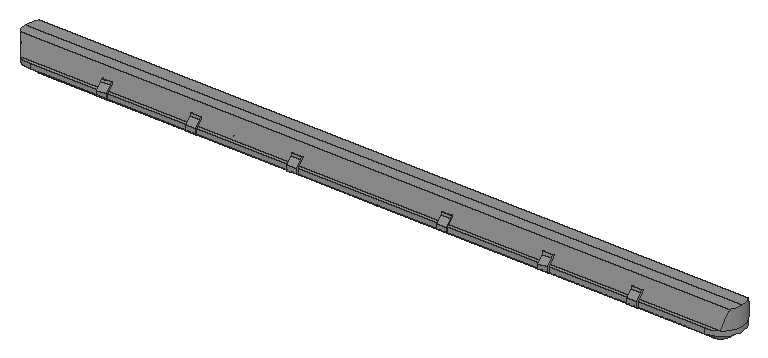
Revit family "ДСП-01 60 Вт 1500", category Осветительные приборы, Revit 2019 (continued)
Types (2, lengths in mm): name | Файл фотометрической сетки | built-in parameter 1150142 | built-in parameter 1150134 | built-in parameter 1150107 | Артикул | URL
     4.7 4.7 4.7\r\n291.6 291.5 291.4 291.2 290.9 290.5 290 289.4 288.8 288.1 287.2 286.3 285.2 284.1 282.9 281.7 280.3 278.9 277.3 275.8 274.1 272.4 270.4 268.6 266.5 264.5 262.3 260.1 257.8 255.5 253 250.6 248 245.4 242.7 240 237.2 234.4 231.5 228.6 225.6 222.7 219.6 216.6 213.4 210.3 207 203.8 200.5 197.2 193.8 190.4 186.9 183.5 180.1 176.7 173.2 169.8 166.4 163 159.6 156.1 152.7 149.3 146 142.5 139.1 135.7 132.4 129 125.7 122.3 118.9 115.5 112.1 108.6 105.1 101.6 98.2 94.7 91.4 88.2 85.2 82.2 79.3 76.5 73.7 71 68.4 65.8 63.2 60.6 58.1 55.6 53.1 50.7 48.4 46.2 44.1 42 40 37.9 35.9 34 32.2 30.4 28.6 26.9 25.3 23.7 22.1 20.7 19.2 17.9 16.5 15.3 14 12.9 11.8 10.7 9.7 8.7 7.8 7.1 6.4 5.7 5.3 5 4.8 4.9 4.9 4.9 4.9 4.8 4.9 4.9 4.8 4.8 4.9 4.9 4.8 4.8 4.8 4.8 4.8 4.8 4.8 4.7 4.7 4.7 4.7 4.7 4.7 4.7 4.7 4.7 4.7 4.7 4.8 4.7 2.3\r\n291.7 291.5 291.4 291.1 290.8 290.4 289.9 289.3 288.6 287.9 287.1 286.1 285 283.9 282.7 281.6 280 278.6 277 275.5 273.8 272 270.1 268.2 266.1 264.1 261.9 259.6 257.3 255 252.5 250 247.4 244.7 242.1 239.4 236.6 233.8 230.9 228 225.1 222.2 219.1 216 212.9 209.7 206.4 203.2 199.8 196.5 193.1 189.6 186.1 182.7 179.2 175.9 172.4 168.9 165.5 162.1 158.7 155.2 151.9 148.5 145.1 141.7 138.3 135 131.7 128.3 125 121.7 118.3 114.9 111.6 108.1 104.7 101.2 97.9 94.4 91.1 87.9 84.8 81.8 79 76.2 73.4 70.7 68.1 65.5 63 60.4 57.8 55.3 52.7 50.3 48 45.9 43.8 41.6 39.7 37.6 35.6 33.8 31.9 30.1 28.3 26.7 25 23.5 21.9 20.5 19.1 17.7 16.4 15.2 13.9 12.8 11.7 10.6 9.6 8.7 7.8 7 6.3 5.7 5.2 4.9 4.8 4.8 4.8 4.8 4.8 4.8 4.8 4.8 4.8 4.8 4.8 4.8 4.8 4.8 4.8 4.8 4.8 4.8 4.8 4.8 4.8 4.8 4.8 4.8 4.8 4.8 4.8 4.8 4.9 4.9 4.9 4.8 0\r\n291.6 291.5 291.3 291 290.7 290.3 289.8 289.1 288.5 287.7 286.8 285.9 284.8 283.7 282.5 281.3 279.8 278.3 276.7 275.2 273.4 271.6 269.7 267.8 265.7 263.7 261.4 259.1 256.8 254.5 252 249.5 246.9 244.2 241.5 238.9 236 233.2 230.3 227.4 224.4 221.4 218.3 215.3 212.1 208.9 205.6 202.4 198.9 195.6 192.2 188.7 185.2 181.8 178.3 174.9 171.5 168 164.6 161.2 157.8 154.4 151 147.6 144.3 140.9 137.5 134.1 130.8 127.4 124.2 120.8 117.4 114.1 110.7 107.3 103.8 100.4 97 93.5 90.2 87 84 81 78.2 75.4 72.6 69.9 67.3 64.7 62.1 59.5 56.9 54.3 51.7 49.1 46.8 44.7 42.7 40.7 38.8 36.8 34.8 33 31.2 29.4 27.7 26 24.5 22.9 21.4 20 18.6 17.3 16 14.8 13.6 12.5 11.4 10.3 9.4 8.5 7.6 6.9 6.2 5.6 5.2 4.9 4.8 4.8 4.8 4.8 4.8 4.8 4.8 4.8 4.8 4.8 4.8 4.8 4.8 4.8 4.8 4.8 4.8 4.8 4.8 4.8 4.8 4.8 4.8 4.8 4.8 4.8 4.8 4.8 4.9 4.9 4.9 4.9 2.5\r\n291.5 291.4 291.3 290.9 290.6 290.2 289.6 289 288.3 287.5 286.6 285.6 284.6 283.4 282.2 281 279.5 278 276.4 274.9 273 271.2 269.4 267.4 265.3 263.2 261 258.7 256.4 254 251.5 249 246.4 243.7 241 238.3 235.4 232.6 229.7 226.8 223.7 220.7 217.6 214.5 211.2 208 204.8 201.5 198 194.7 191.2 187.8 184.3 180.9 177.4 173.9 170.6 167.1 163.7 160.3 156.9 153.5 150.1 146.7 143.4 140 136.7 133.3 130 126.6 123.3 119.9 116.6 113.2 109.8 106.4 103 99.5 96.1 92.6 89.4 86.2 83.1 80.2 77.4 74.5 71.8 69.1 66.4 63.8 61.2 58.6 56.1 53.3 50.6 48 45.6 43.6 41.7 39.7 37.9 36 34 32.2 30.4 28.7 27 25.4 23.9 22.4 20.9 19.5 18.2 16.9 15.6 14.4 13.2 12.1 11.1 10.1 9.1 8.3 7.4 6.7 6.1 5.5 5.1 4.9 4.9 4.9 4.9 4.9 4.9 4.9 4.9 4.9 4.9 4.8 4.8 4.8 4.8 4.9 4.8 4.9 4.8 4.8 4.8 4.8 4.8 4.8 4.8 4.8 4.8 4.9 4.9 4.9 4.9 4.9 4.9 4.9 4.9\r\n291.5 291.4 291.2 291 290.6 290.1 289.6 289 288.3 287.4 286.5 285.6 284.5 283.4 282.1 280.9 279.4 277.9 276.3 274.7 272.9 271.1 269.2 267.2 265.1 263 260.8 258.5 256.1 253.7 251.2 248.7 246.1 243.4 240.6 238 235.1 232.3 229.3 226.4 223.4 220.4 217.2 214.1 210.8 207.6 204.3 201 197.5 194.1 190.7 187.2 183.7 180.2 176.7 173.3 169.8 166.4 163 159.5 156.1 152.7 149.3 145.9 142.5 139 135.7 132.3 129 125.6 122.3 118.9 115.5 112.1 108.8 105.3 101.9 98.5 95 91.5 88.3 85 82 79 76.2 73.3 70.6 67.9 65.2 62.6 59.9 57.3 54.7 51.8 49 46.3 44 41.9 40.1 38.3 36.5 34.7 32.8 31.1 29.3 27.6 26 24.5 23 21.5 20.1 18.7 17.4 16.2 15 13.8 12.7 11.6 10.6 9.6 8.8 7.9 7.1 6.5 5.9 5.4 5 4.9 4.9 4.9 4.9 4.9 4.9 4.9 4.9 4.9 4.9 4.9 4.8 4.8 4.8 4.8 4.8 4.8 4.9 4.8 4.8 4.8 4.8 4.8 4.8 4.9 4.9 4.9 4.9 4.9 2.5 2.4 2.5 2.5 2.5\r\n291.5 291.4 291.2 291 290.6 290.1 289.5 289 288.2 287.4 286.5 285.5 284.4 283.3 282 280.7 279.3 277.8 276.3 274.6 272.8 270.9 269 267 265 262.8 260.6 258.3 255.9 253.5 251 248.4 245.8 243.1 240.3 237.6 234.8 231.9 229 226.1 223.1 220 216.9 213.7 210.4 207.2 203.9 200.5 197 193.6 190.1 186.6 183 179.6 176 172.6 169.1 165.6 162.2 158.8 155.4 151.8 148.4 145 141.5 138.1 134.7 131.3 127.9 124.6 121.2 117.9 114.5 111.1 107.7 104.2 100.8 97.4 93.9 90.4 87.1 83.8 80.8 77.8 75 72.2 69.4 66.7 64.1 61.3 58.6 56 53.2 50.3 47.4 44.6 42.3 40.3 38.5 36.9 35.2 33.4 31.6 29.9 28.2 26.6 25 23.5 22 20.7 19.3 18 16.7 15.5 14.3 13.3 12.2 11.2 10.2 9.2 8.4 7.5 6.9 6.2 5.7 5.3 5 4.9 4.9 4.9 4.9 4.9 4.9 4.9 4.9 4.9 4.9 4.9 4.8 4.8 4.8 4.8 4.8 4.8 4.9 4.9 4.8 4.8 4.8 4.8 4.9 4.9 4.9 4.9 4.9 4.9 0 0 0 0 0\r\n291.6 291.4 291.2 290.9 290.5 290.1 289.5 288.9 288.2 287.4 286.5 285.5 284.4 283.2 281.9 280.5 279.1 277.5 275.9 274.2 272.4 270.6 268.6 266.6 264.5 262.4 260.1 257.8 255.4 253 250.4 247.9 245.2 242.5 239.7 237 234.2 231.3 228.3 225.4 222.3 219.2 216 212.8 209.5 206.2 202.8 199.5 196 192.6 189.1 185.6 182 178.6 175 171.6 168.1 164.6 161.2 157.7 154.3 150.7 147.3 143.9 140.5 137 133.6 130.2 126.9 123.5 120.2 116.8 113.4 110 106.6 103.1 99.7 96.2 92.8 89.3 85.9 82.6 79.6 76.6 73.8 70.9 68.2 65.4 62.7 60 57.3 54.5 51.8 48.8 45.9 43.1 40.8 38.8 37.1 35.5 33.9 32.2 30.5 28.8 27.1 25.5 24 22.6 21.1 19.8 18.5 17.2 16 14.8 13.7 12.6 11.6 10.6 9.7 8.8 8 7.2 6.5 6 5.5 5.1 5 4.9 4.9 4.9 4.9 4.9 4.9 4.9 4.9 4.9 4.9 4.9 4.8 4.8 4.8 4.8 4.8 4.8 4.8 4.8 4.8 4.8 4.8 4.8 4.8 4.8 4.9 4.9 4.9 4.9 2.4 2.4 2.4 2.4 0\r\n291.6 291.4 291.2 290.9 290.5 290.1 289.5 288.8 288.1 287.3 286.5 285.4 284.3 283.1 281.7 280.3 278.8 277.2 275.6 273.9 272.1 270.2 268.3 266.2 264.1 261.9 259.7 257.3 254.8 252.5 249.9 247.3 244.7 241.9 239.2 236.4 233.5 230.7 227.6 224.7 221.5 218.4 215.2 211.9 208.6 205.2 201.8 198.4 195 191.6 188.1 184.6 181 177.6 174 170.5 167 163.5 160.1 156.6 153.2 149.7 146.3 142.8 139.4 135.9 132.5 129.1 125.8 122.4 119.1 115.7 112.3 108.9 105.4 101.9 98.5 95 91.6 88.1 84.7 81.5 78.4 75.4 72.5 69.7 66.9 64.1 61.4 58.7 55.9 53.1 50.3 47.3 44.3 41.5 39.2 37.3 35.7 34.2 32.6 31 29.3 27.6 26 24.5 23.1 21.7 20.2 19 17.7 16.4 15.2 14.1 13.1 12 11.1 10.1 9.2 8.3 7.6 6.9 6.2 5.7 5.3 5 4.9 4.9 4.9 4.9 4.9 4.9 4.9 4.9 4.9 4.9 4.9 4.9 4.8 4.8 4.8 4.8 4.8 4.8 4.8 4.8 4.8 4.8 4.7 4.8 4.8 4.8 4.8 4.8 4.8 4.8 4.8 4.8 4.8 4.8 0\r\n291.6 291.4 291.2 290.9 290.5 290 289.4 288.7 288 287.2 286.2 285.2 284.1 282.8 281.5 280.1 278.6 277 275.4 273.6 271.8 269.9 268 265.9 263.8 261.6 259.3 256.9 254.5 252 249.5 246.9 244.2 241.5 238.8 236 233.1 230.2 227.1 224.1 220.9 217.7 214.5 211.2 207.8 204.4 201 197.6 194.1 190.7 187.1 183.7 180.1 176.6 172.9 169.4 165.8 162.3 158.8 155.2 151.8 148.2 144.8 141.3 137.9 134.3 131 127.6 124.2 120.7 117.4 113.9 110.6 107.1 103.7 100.2 96.8 93.3 89.9 86.3 82.9 79.7 76.6 73.6 70.7 67.8 65 62.2 59.4 56.6 53.9 51.1 48.3 45.2 42.2 39.4 37.2 35.5 34 32.5 31 29.4 27.7 26.1 24.6 23.2 21.8 20.4 19.1 17.9 16.6 15.4 14.3 13.3 12.3 11.3 10.4 9.5 8.6 7.8 7.1 6.5 5.9 5.4 5.1 5 4.9 4.9 4.9 4.9 4.9 4.9 4.9 4.9 4.9 4.9 4.9 4.9 4.8 4.8 4.8 4.8 4.8 4.8 4.8 4.8 4.8 4.8 4.8 4.8 4.8 4.8 4.8 4.8 4.8 4.9 4.8 4.8 4.8 4.8 2.4\r\n291.6 291.4 291.3 290.9 290.4 289.9 289.3 288.6 287.8 287 286 285 283.8 282.6 281.3 279.9 278.4 276.8 275.1 273.4 271.5 269.7 267.6 265.6 263.5 261.3 258.9 256.6 254.1 251.6 249.1 246.5 243.8 241.1 238.4 235.6 232.6 229.7 226.6 223.5 220.3 217.1 213.7 210.5 207.1 203.6 200.1 196.7 193.2 189.7 186.2 182.7 179.1 175.6 171.9 168.3 164.6 161 157.5 153.9 150.4 146.8 143.3 139.8 136.4 132.8 129.4 126 122.6 119.1 115.7 112.2 108.9 105.4 101.9 98.5 95.1 91.5 88.1 84.6 81.2 77.9 74.8 71.8 68.9 66 63.2 60.3 57.5 54.6 51.8 49 46.2 43.1 40 37.3 35.3 33.6 32.2 30.8 29.4 27.8 26.2 24.6 23.2 21.8 20.5 19.2 18 16.8 15.5 14.5 13.4 12.5 11.5 10.6 9.7 8.8 8 7.3 6.7 6.1 5.6 5.2 5 4.9 4.9 4.9 4.9 4.9 4.9 4.9 4.9 4.9 4.9 4.9 4.9 4.9 4.9 4.8 4.8 4.8 4.9 4.8 4.8 4.8 4.8 4.8 4.8 4.8 4.8 4.8 4.8 4.9 4.9 4.9 4.8 4.9 4.9 4.9 4.8\r\n291.6 291.4 291.2 290.8 290.4 289.8 289.2 288.6 287.8 286.9 285.9 284.8 283.7 282.5 281.1 279.7 278.2 276.6 274.9 273.2 271.3 269.5 267.4 265.3 263.2 260.9 258.5 256.2 253.7 251.2 248.6 246 243.3 240.5 237.7 234.8 231.8 228.8 225.7 222.6 219.4 216.2 212.9 209.6 206.2 202.8 199.2 195.8 192.2 188.7 185 181.5 177.8 174.2 170.5 166.9 163.2 159.6 156 152.4 148.8 145.3 141.7 138.2 134.7 131.1 127.7 124.2 120.8 117.3 113.9 110.5 107.1 103.6 100.2 96.7 93.3 89.7 86.3 82.8 79.3 76 72.9 69.9 67 64.1 61.2 58.3 55.5 52.6 49.8 46.9 44.1 40.9 37.8 35.3 33.3 31.8 30.4 29.1 27.7 26.2 24.6 23.2 21.8 20.5 19.2 18 16.7 15.6 14.5 13.5 12.5 11.6 10.7 9.8 8.9 8.2 7.4 6.8 6.2 5.7 5.3 5.1 4.9 4.9 4.9 4.9 4.9 4.9 4.9 4.9 4.9 4.9 4.9 4.9 4.9 4.9 4.8 4.8 4.8 4.8 4.9 4.8 4.8 4.8 4.8 4.8 4.8 4.8 4.8 4.9 4.9 4.9 4.9 4.9 4.9 4.9 4.9 4.9 4.8\r\n291.6 291.4 291.1 290.8 290.3 289.8 289.2 288.5 287.7 286.8 285.7 284.7 283.5 282.3 281 279.5 278 276.4 274.7 273 271.1 269.2 267.1 265 262.9 260.6 258.2 255.8 253.3 250.8 248.2 245.5 242.7 239.9 237 234.1 231 227.9 224.8 221.7 218.5 215.3 212 208.8 205.3 201.9 198.3 194.8 191.2 187.6 183.9 180.2 176.5 172.8 169.1 165.5 161.8 158.2 154.6 150.9 147.3 143.7 140.1 136.5 133 129.4 125.9 122.5 119 115.6 112.1 108.7 105.3 101.9 98.5 94.9 91.5 87.9 84.5 80.9 77.4 74.1 71.1 68 65.1 62.1 59.3 56.4 53.5 50.6 47.7 44.9 42.1 38.7 35.6 33.2 31.4 29.9 28.7 27.4 26.1 24.5 23.1 21.7 20.4 19.1 17.9 16.7 15.5 14.4 13.4 12.5 11.6 10.7 9.8 9 8.2 7.5 6.9 6.3 5.7 5.3 5 4.9 4.9 4.9 4.9 4.9 4.9 4.9 4.9 4.9 4.9 4.9 4.9 4.9 4.9 4.9 4.8 4.8 4.8 4.9 4.9 4.9 4.8 4.8 4.8 4.8 4.9 4.9 4.9 4.9 4.9 4.9 4.9 4.9 4.9 4.9 4.9 4.9 4.9\r\n291.6 291.4 291.1 290.8 290.3 289.8 289.2 288.5 287.6 286.7 285.7 284.6 283.4 282.2 280.8 279.4 277.9 276.3 274.5 272.7 270.8 268.9 266.8 264.7 262.5 260.2 257.9 255.5 253 250.4 247.8 245.1 242.3 239.5 236.6 233.7 230.7 227.6 224.4 221.3 218 214.7 211.3 208 204.4 201 197.4 193.8 190.2 186.6 182.9 179.3 175.6 171.9 168.2 164.5 160.7 157 153.4 149.6 146 142.4 138.7 135.2 131.6 128 124.5 121 117.5 113.9 110.5 107 103.6 100.1 96.7 93.2 89.7 86.2 82.7 79.2 75.7 72.3 69.2 66.1 63.1 60.2 57.3 54.3 51.5 48.5 45.7 42.9 40 36.7 33.6 31.2 29.5 28.2 27 25.8 24.5 23.1 21.7 20.3 19.1 17.9 16.7 15.6 14.5 13.5 12.5 11.6 10.8 9.9 9.1 8.3 7.6 7 6.4 5.9 5.4 5.1 4.9 4.8 4.8 4.8 4.9 4.8 4.8 4.9 4.9 4.9 4.9 4.9 4.8 4.8 4.8 4.8 4.8 4.8 4.8 4.8 4.8 4.8 4.8 4.8 4.8 4.8 4.8 4.8 4.8 4.8 4.9 4.8 4.8 4.8 4.8 4.8 4.8 2.4 2.4\r\n291.7 291.4 291.1 290.8 290.3 289.8 289.1 288.4 287.6 286.6 285.6 284.5 283.3 282 280.7 279.3 277.7 276.1 274.2 272.5 270.5 268.6 266.5 264.4 262.2 259.9 257.6 255.1 252.6 250.1 247.4 244.7 241.9 239.1 236.2 233.3 230.3 227.2 224 220.9 217.5 214.1 210.6 207.1 203.5 200 196.4 192.9 189.2 185.7 182 178.4 174.7 171 167.2 163.5 159.7 155.9 152.1 148.4 144.7 141 137.4 133.8 130.2 126.6 123.1 119.5 116 112.3 108.9 105.3 101.9 98.3 94.9 91.4 87.9 84.4 81 77.4 73.9 70.5 67.3 64.1 61.2 58.2 55.3 52.3 49.4 46.5 43.7 40.9 37.9 34.6 31.6 29.3 27.6 26.4 25.4 24.3 23 21.6 20.2 19 17.8 16.7 15.6 14.5 13.4 12.5 11.6 10.8 10 9.2 8.4 7.7 7 6.4 5.8 5.5 5.1 4.9 4.8 4.7 4.8 4.8 4.8 4.7 4.8 4.8 4.8 4.8 4.8 4.8 4.8 4.8 4.8 4.8 4.7 4.8 4.8 4.8 4.7 4.7 4.7 4.7 4.7 4.8 4.8 4.8 4.8 4.7 4.8 4.8 4.8 4.8 4.8 4.8 4.8 0 0\r\n291.7 291.4 291.2 290.8 290.3 289.8 289.1 288.4 287.6 286.6 285.6 284.5 283.3 282 280.6 279.2 277.6 276 274.1 272.4 270.4 268.4 266.4 264.2 262 259.7 257.3 254.9 252.3 249.8 247 244.3 241.5 238.6 235.7 232.7 229.6 226.6 223.3 220.1 216.7 213.4 209.9 206.4 202.7 199.2 195.5 191.9 188.1 184.5 180.8 177.2 173.4 169.8 165.9 162.2 158.4 154.5 150.8 146.9 143.2 139.4 135.8 132.1 128.5 124.8 121.2 117.6 114 110.4 106.9 103.3 99.9 96.3 92.9 89.4 85.9 82.4 79 75.4 72 68.5 65.2 62 59.1 56.1 53.2 50.3 47.4 44.4 41.6 38.8 35.7 32.4 29.5 27.2 25.7 24.6 23.6 22.5 21.3 20 18.7 17.6 16.4 15.4 14.3 13.3 12.3 11.5 10.6 9.9 9 8.3 7.6 7 6.4 5.9 5.4 5.2 4.9 4.8 4.8 4.7 4.8 4.7 4.8 4.7 4.8 4.8 4.8 4.8 4.8 4.8 4.8 4.8 4.7 4.7 4.7 4.7 4.7 4.7 4.7 4.7 4.7 4.7 4.7 4.7 4.7 4.7 4.8 4.7 4.8 4.7 4.7 4.7 4.7 2.4 2.4 0 0\r\n291.7 291.5 291.2 290.8 290.4 289.8 289.1 288.4 287.5 286.6 285.6 284.4 283.2 282 280.6 279.1 277.5 275.8 274 272.2 270.3 268.3 266.2 264.1 261.8 259.5 257.1 254.6 252 249.5 246.7 243.9 241.1 238.1 235.1 232.1 228.9 225.9 222.6 219.3 216 212.6 209.1 205.6 201.9 198.3 194.6 190.9 187.1 183.4 179.6 175.9 172.1 168.5 164.7 160.9 157.1 153.2 149.4 145.5 141.7 137.9 134.2 130.4 126.7 123 119.4 115.7 112.1 108.4 104.9 101.4 97.9 94.3 90.9 87.4 83.9 80.4 76.9 73.4 70 66.5 63.2 59.9 57 54 51.1 48.2 45.3 42.3 39.5 36.6 33.6 30.3 27.4 25.2 23.7 22.7 21.8 20.8 19.6 18.4 17.2 16.1 15.1 14 13 12 11.2 10.4 9.6 8.9 8.1 7.5 6.8 6.3 5.8 5.4 5 4.8 4.7 4.7 4.7 4.7 4.7 4.7 4.7 4.8 4.8 4.7 4.8 4.8 4.8 4.8 4.7 4.8 4.7 4.7 4.7 4.7 4.7 4.7 4.7 4.7 4.7 4.7 4.7 4.7 4.7 4.7 4.8 4.8 4.7 4.7 4.7 4.7 4.7 0 0 0 0\r\n291.7 291.4 291.2 290.8 290.3 289.7 289 288.3 287.5 286.5 285.5 284.3 283.1 281.8 280.4 278.9 277.3 275.6 273.8 272 270 268 265.9 263.7 261.5 259.1 256.7 254.2 251.6 249 246.2 243.5 240.6 237.7 234.7 231.7 228.6 225.4 222.2 218.9 215.5 212.1 208.5 204.9 201.2 197.5 193.7 190.1 186.3 182.6 178.8 175.1 171.3 167.6 163.7 159.9 156 152.1 148.2 144.2 140.4 136.4 132.7 128.8 125.1 121.3 117.7 114 110.3 106.6 103 99.3 95.8 92.2 88.7 85.1 81.7 78.2 74.7 71.2 67.7 64.2 60.9 57.6 54.6 51.6 48.7 45.7 42.8 39.8 36.9 34 30.9 27.5 24.8 22.9 21.7 20.8 19.9 18.9 17.8 16.6 15.6 14.6 13.6 12.6 11.7 10.9 10.1 9.4 8.6 7.9 7.3 6.7 6.2 5.7 5.4 5 4.8 4.7 4.7 4.7 4.7 4.7 4.7 4.7 4.7 4.7 4.7 4.7 4.7 4.7 4.7 4.7 4.7 4.7 4.7 4.7 4.7 4.7 4.7 4.7 4.7 4.7 4.7 4.7 4.7 4.7 4.7 4.7 4.7 4.7 4.7 4.7 4.7 4.7 4.7 2.4 2.4 2.4 2.4\r\n291.7 291.4 291.1 290.7 290.2 289.6 288.9 288.2 287.4 286.3 285.3 284.2 282.9 281.6 280.2 278.6 277 275.3 273.5 271.7 269.7 267.7 265.6 263.4 261.1 258.7 256.2 253.8 251.1 248.5 245.8 243 240.2 237.3 234.3 231.4 228.2 225 221.8 218.5 215 211.5 207.8 204.2 200.5 196.7 192.9 189.2 185.5 181.7 178 174.2 170.4 166.6 162.7 158.9 154.9 150.9 146.9 142.9 139 135 131.2 127.3 123.5 119.6 115.9 112.2 108.5 104.7 101 97.3 93.7 90 86.5 82.9 79.5 76 72.5 69 65.5 62 58.6 55.2 52.2 49.2 46.2 43.2 40.3 37.2 34.4 31.4 28.2 24.8 22.3 20.6 19.7 19 18.1 17.1 15.9 14.9 13.9 13 12 11.1 10.3 9.7 9.1 8.3 7.6 7 6.4 5.9 5.5 5.1 4.9 4.7 4.7 4.7 4.7 4.7 4.7 4.7 4.7 4.7 4.7 4.7 4.7 4.7 4.7 4.7 4.6 4.7 4.7 4.7 4.7 4.6 4.6 4.7 4.7 4.7 4.7 4.7 4.7 4.7 4.8 4.8 4.7 4.8 4.7 4.7 4.7 4.7 4.8 4.8 4.8 4.8 4.8 4.7 4.8\r\n291.7 291.4 291.1 290.7 290.2 289.6 288.9 288.2 287.3 286.3 285.2 284.1 282.8 281.5 280 278.5 276.9 275.2 273.3 271.5 269.5 267.4 265.3 263.1 260.8 258.4 255.9 253.4 250.8 248.1 245.3 242.5 239.6 236.7 233.6 230.6 227.5 224.3 221 217.7 214.3 210.8 207.2 203.6 199.8 196.1 192.2 188.5 184.6 180.8 176.9 173.1 169.2 165.4 161.4 157.5 153.6 149.6 145.6 141.6 137.6 133.5 129.6 125.6 121.7 117.8 114 110.2 106.4 102.6 98.9 95.1 91.5 87.8 84.3 80.7 77.2 73.7 70.2 66.7 63.2 59.7 56.3 52.9 49.8 46.8 43.9 40.9 38 35 32.1 29.1 25.8 22.5 20.2 18.7 18 17.3 16.4 15.5 14.4 13.4 12.6 11.7 10.8 10 9.3 8.7 8.1 7.5 6.9 6.3 5.8 5.4 5.1 4.9 4.7 4.6 4.6 4.6 4.6 4.6 4.6 4.6 4.6 4.6 4.6 4.6 4.6 4.6 4.6 4.6 4.6 4.6 4.7 4.6 4.6 4.6 4.6 4.6 4.7 4.7 4.7 4.7 4.7 4.7 4.7 4.7 4.7 4.7 4.7 4.7 4.7 4.7 4.8 4.8 4.8 4.8 4.8 4.7 4.8\r\n291.7 291.4 291.1 290.7 290.2 289.6 289 288.2 287.3 286.3 285.2 284 282.7 281.4 279.9 278.4 276.7 275 273.2 271.2 269.3 267.2 265 262.8 260.5 258.1 255.6 253.1 250.4 247.7 244.9 242 239 236 233 229.9 226.7 223.5 220.2 217 213.6 210.1 206.6 203 199.2 195.4 191.5 187.7 183.8 179.8 175.9 172 168 164.1 160.2 156.2 152.2 148.2 144.2 140.2 136.1 132.1 128 124 119.9 116 112.1 108.2 104.3 100.5 96.8 93 89.3 85.6 82 78.4 74.9 71.3 67.9 64.3 60.9 57.4 53.9 50.6 47.4 44.4 41.5 38.6 35.7 32.7 29.9 26.8 23.4 20.2 18.1 16.9 16.2 15.6 14.8 13.9 12.9 12 11.2 10.4 9.6 8.9 8.3 7.8 7.1 6.6 6.1 5.6 5.2 4.9 4.7 4.6 4.5 4.5 4.5 4.5 4.6 4.6 4.6 4.6 4.6 4.
